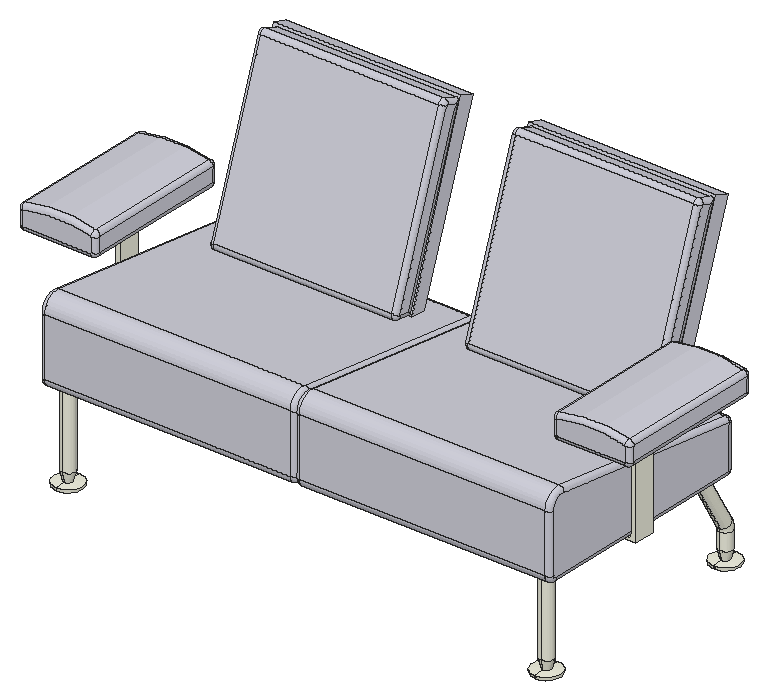
Revit family
Parameters (values of type "(2 Arm)")
  Width = 4' - 1"  # constant formula
  Upholstery = Furniture_Coalesse_Sidewalk - Upholstery
  URL = "www.coalesse.com"
  Type Comments = "430-2"
  RIGHT ARM = yes
  Model = "Sidewalk"
  Manufacturer = "COALESSE"
  Leg = Furniture_Coalesse_Sidewalk - Leg
  LEFT ARM = yes
  Height = 2' - 6 1/2"  # constant formula
  Description = "Sidewalk, Collaborative Two Seat"
  Depth = 2' - 3"  # constant formula
  Cost = 1775
  Back Upholstery = Furniture_Coalesse_Sidewalk - Upholstery (Back)
  Arm Upholstery = Furniture_Coalesse_Sidewalk - Upholstery (Arm)
Types (4): name | RIGHT ARM | LEFT ARM | Cost
  (no name) | yes | yes | 1775
  (0 Arm) | no | no | 1701
  (1 Arm) | no | yes | 1738
  (2 Arm) | yes | yes | 1775
Reference planes (in)
  plane 1: z = 0
  plane 2 "C (LR)": x = -16.39426
  plane 3 "C (FB)": y = 6.48523
  plane 4: x = -40.89426
  plane 5: x = 8.10574
  plane 6: y = 19.98523
  plane 7: y = -7.01477
  plane 8: z = 17.5
  plane 9: z = 23
  plane 10: z = 10.5625
  plane 11: z = 8.5
  plane 12: through (0, 14.98523, 14.5) normal (0, 0.1351, 0.9908)
  plane 13: through (0, 14.48102, 8.5) normal (0, 0.9658, -0.2593)
  plane 14: z = 30.5
  plane 15: y = 2.73523
  plane 16: y = 4.73523
Dimensions and locks (in)
  equal spacing: plane 7, plane 3 "C (FB)", plane 6
  "Depth": plane 7 to plane 6
  equal spacing: plane 4, plane 2 "C (LR)", plane 5
  "Width": plane 4 to plane 5
  plane 8 to level = 1' - 5 1/2"
  plane 9 to level = 1' - 11"
  plane 1 to plane 10 = 0' - 10 9/16"
  plane 11 to level = 0' - 8 1/2"
  "Height": plane 14 to level
  plane 7 to plane 15 to plane 16 = 0' - 9 3/4" locked, 0' - 2" locked
  aligned and locked: plane 5 to nested 1
  aligned and locked: nested 1 to plane 2 "C (LR)"
  aligned and locked: plane 2 "C (LR)" to nested 2
  aligned and locked: plane 4 to nested 2
Nested families (in)
  nested 1: "Coalesse_Sidewalk_Collaborative_LSeat" at (12.25, 0, 0), type "LEFT"
    with Width 2' - 0 1/2", LEFT ARM yes
  nested 2: "Coalesse_Sidewalk_Collaborative_RSeat" at (-12.25, 0, 0), type "RIGHT"
    with Width 2' - 0 1/2", RIGHT ARM yes
Definition of nested family "Coalesse_Sidewalk_Collaborative_LSeat"
  Parameters (values of type "(0 Arm)")
    Width [instance] = 2' - 3"
    Upholstery = Furniture_Coalesse_Sidewalk - Upholstery
    URL = "www.coalesse.com"
    Type Comments = "430"
    RIGHT ARM = no
    Model = "Sidewalk"
    Manufacturer = "COALESSE"
    Leg = Furniture_Coalesse_Sidewalk - Leg
    LEFT ARM = no
    Height = 2' - 6 1/2"  # constant formula
    Description = "Sidewalk, Collaborative Chair"
    Depth = 2' - 3"  # constant formula
    Cost = 1160
    Back Upholstery = Furniture_Coalesse_Sidewalk - Upholstery (Back)
    Arm Upholstery = Furniture_Coalesse_Sidewalk - Upholstery (Arm)
  Types (4): name | RIGHT ARM | LEFT ARM | Cost
    (no name) | no | no | 1160
    (0 Arm) | no | no | 1160
    (1 Arm) | no | yes | 1197
    (2 Arm) | yes | yes | 1234
  Reference planes (in)
    plane 1: z = 0
    plane 2 "C (LR)": x = -16.39426
    plane 3 "C (FB)": y = 6.48523
    plane 4: x = -29.89426
    plane 5: x = -2.89426
    plane 6: y = 19.98523
    plane 7: y = -7.01477
    plane 8: z = 17.5
    plane 9: z = 23
    plane 10: x = -27.64426
    plane 11: y = -5.51477
    plane 12: z = 10.5625
    plane 13: x = -5.14426
    plane 14: y = 11.98523
    plane 15: z = 8.5
    plane 16: through (0, 14.98523, 14.5) normal (0, 0.1351, 0.9908)
    plane 17: through (0, 14.48102, 8.5) normal (0, 0.9658, -0.2593)
    plane 18 "LL": x = -28.39312
    plane 19 "RL": x = -4.39539
    plane 20: y = 15.98523
    plane 21: y = 15.23523
    plane 22: z = 30.5
    plane 23: x = -26.64426
    plane 24: x = -26.14426
    plane 25: x = -6.14426
    plane 26: x = -6.64426
    plane 27: y = 2.73523
    plane 28: y = 4.73523
  Forms (in)
    Extrusion 1, solid, material "Furniture_Coalesse_Sidewalk - Upholstery" <- "Upholstery"
      sketch origin (-21.26926, 0, 0) x (0, -1, 0) y (0, 0, 1)
        loop
          arc (-14.55279, 13.62715) -> (-14.86191, 13.46054) -> (-14.98523, 13.13174) r 0.5
          line (-14.98523, 13.13174) -> (-14.98523, 9)
          arc (-14.98523, 9) -> (-14.83878, 8.64645) -> (-14.48523, 8.5) r 0.5
          line (-14.48523, 8.5) -> (6.26477, 8.5)
          arc (6.26477, 8.5) -> (6.7951, 8.71967) -> (7.01477, 9.25) r 0.75
          line (7.01477, 9.25) -> (7.01477, 14.84975)
          arc (7.01477, 14.84975) -> (6.50118, 15.9798) -> (5.3121, 16.336) r 1.5
          line (5.3121, 16.336) -> (-14.55279, 13.62715)
      from -18.375 to 8.625
    Revolve 2, solid, material "Furniture_Coalesse_Sidewalk - Leg" <- "Leg"
      sketch origin (-4.39539, 16.53194, 48) x (0, 1, 0) y (0, 0, 1)
        loop
          line (-21.42171, -46.75) -> (-21.42171, -39.25) -> (-22.04671, -39.25) -> (-22.04671, -48) -> (-20.71338, -48) -> (-20.67171, -47.75) -> (-21.6576, -47.66535) -> (-21.42171, -46.75)
        axis (-22.04671, -48) -> (-22.04671, -39.25)
      angle from 0 to 360
    Sweep 3, solid, material "Furniture_Coalesse_Sidewalk - Leg" <- "Leg"
      path origin (-4.39539, 16.53194, 48) x (0, 1, 0) y (0, 0, 1)
        loop
          line (-0.54671, -46.75) -> (-0.54671, -45.1088)
          arc (-0.54671, -45.1088) -> (-0.59316, -44.7627) -> (-0.72924, -44.4411) r 1.3125
          line (-0.72924, -44.4411) -> (-3.83687, -39.18204)
      profile origin (-4.39539, 15.98523, 2.0706) x (0, 1, 0) y (-1, 0, 0)
        loop
          circle (0, 0) r 0.625
    Revolve 4, solid, material "Furniture_Coalesse_Sidewalk - Leg" <- "Leg"
      sketch origin (-4.39539, 16.53194, 48) x (0, 1, 0) y (0, 0, 1)
        loop
          line (-0.54671, -48) -> (0.78662, -48) -> (0.82829, -47.75) -> (-0.1576, -47.66535) -> (0.07829, -46.75) -> (-0.54671, -46.75) -> (-0.54671, -47.75) -> (-0.54671, -48)
        axis (-0.54671, -48) -> (-0.54671, -46.75)
      angle from 0 to 360
    Sweep 5, void
      path origin (-29.89426, 0, 0) x (0, -1, 0) y (0, 0, 1)
        loop
          line (5.3121, 16.336) -> (-14.55279, 13.62715)
          arc (-14.55279, 13.62715) -> (-14.86191, 13.46054) -> (-14.98523, 13.13174) r 0.5
          line (-14.98523, 13.13174) -> (-14.98523, 9)
          arc (-14.98523, 9) -> (-14.83878, 8.64645) -> (-14.48523, 8.5) r 0.5
          line (-14.48523, 8.5) -> (6.26477, 8.5)
          arc (6.26477, 8.5) -> (6.7951, 8.71967) -> (7.01477, 9.25) r 0.75
          line (7.01477, 9.25) -> (7.01477, 14.84975)
          arc (7.01477, 14.84975) -> (6.50118, 15.9798) -> (5.3121, 16.336) r 1.5
      profile origin (-29.89426, 4.11023, 8.5) x (0, 0, 1) y (-1, 0, 0)
        loop
          arc (0, -0.4375) -> (0.12814, -0.12814) -> (0.4375, 0) r 0.4375
          arc (0.4375, 0) -> (-0.30936, 0.30936) -> (0, -0.4375) r 0.4375
    Sweep 6, void
      path origin (-2.89426, 0, 0) x (0, -1, 0) y (0, 0, 1)
        loop
          arc (-14.55279, 13.62715) -> (-14.86191, 13.46054) -> (-14.98523, 13.13174) r 0.5
          line (-14.98523, 13.13174) -> (-14.98523, 9)
          arc (-14.98523, 9) -> (-14.83878, 8.64645) -> (-14.48523, 8.5) r 0.5
          line (-14.48523, 8.5) -> (6.26477, 8.5)
          arc (6.26477, 8.5) -> (6.7951, 8.71967) -> (7.01477, 9.25) r 0.75
          line (7.01477, 9.25) -> (7.01477, 14.84975)
          arc (7.01477, 14.84975) -> (6.50118, 15.9798) -> (5.3121, 16.336) r 1.5
          line (5.3121, 16.336) -> (-14.55279, 13.62715)
      profile origin (-2.89426, 4.11023, 8.5) x (0, 0, -1) y (-1, 0, 0)
        loop
          arc (0, 0.4375) -> (-0.12814, 0.12814) -> (-0.4375, 0) r 0.4375
          arc (-0.4375, 0) -> (0.30936, -0.30936) -> (0, 0.4375) r 0.4375
    Extrusion 7, solid, material "Furniture_Coalesse_Sidewalk - Upholstery (Back)" <- "Back Upholstery"
      sketch origin (-16.39426, 0, 0) x (0, -1, 0) y (0, 0, 1)
        loop
          line (-12.57363, 13.89704) -> (-11.05284, 14.10442) -> (-17.03967, 30.5531) -> (-18.44921, 30.04007) -> (-12.57363, 13.89704)
      from -10.25 to 10.25
    Extrusion 8, solid, material "Furniture_Coalesse_Sidewalk - Upholstery (Back)" <- "Back Upholstery"
      sketch origin (-16.39426, 0, 0) x (0, -1, 0) y (0, 0, 1)
        loop
          line (-16.95158, 30.31107) -> (-11.05284, 14.10442) -> (-9.63948, 14.29715)
          arc (-9.63948, 14.29715) -> (-9.27898, 14.53417) -> (-9.23719, 14.96357) r 0.5
          line (-9.23719, 14.96357) -> (-14.90118, 30.52526)
          arc (-14.90118, 30.52526) -> (-15.15972, 30.8074) -> (-15.54204, 30.8241) r 0.5
          line (-15.54204, 30.8241) -> (-16.95158, 30.31107)
      from -10.25 to 10.25
    Sweep 9, void
      path origin (-26.64426, 0, 0) x (0, -1, 0) y (0, 0, 1)
        loop
          arc (-14.90118, 30.52526) -> (-15.15972, 30.8074) -> (-15.54204, 30.8241) r 0.5
          line (-15.54204, 30.8241) -> (-16.95158, 30.31107) -> (-11.05284, 14.10442) -> (-9.63948, 14.29715)
          arc (-9.63948, 14.29715) -> (-9.27898, 14.53417) -> (-9.23719, 14.96357) r 0.5
          line (-9.23719, 14.96357) -> (-14.90118, 30.52526)
      profile origin (-26.64426, 12.06919, 22.74442) x (0, 0.939693, -0.34202) y (-1, 0, 0)
        loop
          arc (0.4375, 0) -> (-0.30936, 0.30936) -> (0, -0.4375) r 0.4375
          arc (0, -0.4375) -> (0.12814, -0.12814) -> (0.4375, 0) r 0.4375
    Sweep 10, void
      path origin (-6.14426, 0, 0) x (0, -1, 0) y (0, 0, 1)
        loop
          arc (-14.90118, 30.52526) -> (-15.15972, 30.8074) -> (-15.54204, 30.8241) r 0.5
          line (-15.54204, 30.8241) -> (-16.95158, 30.31107) -> (-11.05284, 14.10442) -> (-9.63948, 14.29715)
          arc (-9.63948, 14.29715) -> (-9.27898, 14.53417) -> (-9.23719, 14.96357) r 0.5
          line (-9.23719, 14.96357) -> (-14.90118, 30.52526)
      profile origin (-6.14426, 12.06919, 22.74442) x (0, -0.939693, 0.34202) y (-1, 0, 0)
        loop
          arc (0, 0.4375) -> (-0.12814, 0.12814) -> (-0.4375, 0) r 0.4375
          arc (-0.4375, 0) -> (0.30936, -0.30936) -> (0, 0.4375) r 0.4375
  Cuts and joins
    Sweep 5, Sweep 6 cuts Extrusion 1
    Sweep 5 cuts Revolve 2
    Sweep 9, Sweep 10 cuts Extrusion 8
  Dimensions and locks (in)
    equal spacing: plane 7, plane 3 "C (FB)", plane 6
    "Depth": plane 7 to plane 6
    equal spacing: plane 4, plane 2 "C (LR)", plane 5
    "Width": plane 4 to plane 5
    plane 8 to level = 1' - 5 1/2"
    plane 9 to level = 1' - 11"
    plane 1 to plane 12 = 0' - 10 9/16"
    locked: plane 4 to plane 10 at 2.25
    locked: plane 13 to plane 5 at 2.25
    locked: plane 7 to plane 14 at 19
    plane 15 to level = 0' - 8 1/2"
    locked: plane 19 "RL" to plane 5 at 1.50113
    locked: plane 4 to plane 18 "LL" at 1.50113
    locked: plane 7 to plane 11 at 1.5
    locked: plane 6 to plane 20 at 4
    "Height": plane 22 to level
    plane 7 to plane 27 to plane 28 = 0' - 9 3/4" locked, 0' - 2" locked
    locked: plane 23 to plane 24 at 0.5
    locked: plane 26 to plane 25 at 0.5
    locked: plane 4 to plane 23 at 3.25
    locked: plane 25 to plane 5 at 3.25
    locked: nested 1 to plane 28 at 0
    locked: nested 1 to plane 5 at 0
    aligned and locked: plane 11 to Revolve 2 sketch curve
    aligned and locked: Extrusion 1 to plane 5
    aligned and locked: Extrusion 1 to plane 4
    aligned and locked: Extrusion 7 to plane 23
    aligned and locked: Extrusion 7 to plane 25
    aligned and locked: Extrusion 8 to plane 23
    aligned and locked: Extrusion 8 to plane 25
  Automatic sketch dimensions
    Extrusion 1 sketch curve to plane 15 = 0' - 0"
    Extrusion 1 sketch curve to plane 11 = 0' - 0"
    Extrusion 1 sketch curve to plane 7 = 0' - 0"
    plane 11 to Extrusion 1 sketch curve = 0' - 0.20267"
    Extrusion 1 sketch curve to plane 21 = 0' - 0 3/4"  (x2)
    Extrusion 1 sketch curve to Extrusion 1 sketch curve = 0' - 0.06756"
    Extrusion 1 sketch curve to plane 21 = 0' - 0 1/4"
    Extrusion 1 sketch curve to plane 7 = 0' - 0 3/4"
    plane 12 to Extrusion 1 sketch curve = 0' - 2.56924"
    Extrusion 1 sketch curve to plane 8 = 0' - 2.65025"
    Sweep 5 sketch curve to Extrusion 1 = 0' - 0"  (x5)
    Sweep 5 sketch curve to Extrusion 1 = 0' - 0.43244"
    Sweep 5 sketch curve to Sweep 5 sketch curve = 0' - 0.20267"
    Sweep 5 sketch curve to Sweep 5 sketch curve = 0' - 0 1/2"  (x2)
    Sweep 5 sketch curve to Extrusion 1 = 0' - 1.70267"
    Sweep 5 sketch curve to Extrusion 1 = 0' - 0 3/4"
    Sweep 5 sketch curve to profile plane = 0' - 0"  (x2)
    Sweep 5 sketch curve to profile plane = 0' - 0 7/16"
    Sweep 6 sketch curve to Extrusion 1 = 0' - 0"  (x5)
    Extrusion 1 to Sweep 6 sketch curve = 0' - 0.43244"
    Sweep 6 sketch curve to Sweep 6 sketch curve = 0' - 0.20267"
    Extrusion 1 to Sweep 6 sketch curve = 0' - 0 1/2"
    Sweep 6 sketch curve to Sweep 6 sketch curve = 0' - 0 1/2"
    Extrusion 1 to Sweep 6 sketch curve = 0' - 1.70267"
    Extrusion 1 to Sweep 6 sketch curve = 0' - 0 3/4"
    Sweep 6 sketch curve to profile plane = 0' - 0"  (x2)
    profile plane to Sweep 6 sketch curve = 0' - 0 7/16"
    plane 20 to Extrusion 8 sketch curve = 0' - 0.96635"
    plane 21 to Extrusion 8 sketch curve = 0' - 0.30681"
    plane 21 to Extrusion 8 sketch curve = 0' - 0.1358"
    Extrusion 8 sketch curve to Extrusion 8 sketch curve = 0' - 0.46985"  (x2)
    plane 14 to Extrusion 8 sketch curve = 0' - 0.93239"
    Extrusion 8 sketch curve to Extrusion 8 sketch curve = 0' - 1.3458"
    Extrusion 8 sketch curve to Extrusion 8 sketch curve = 0' - 0.06756"
    Extrusion 8 sketch curve to plane 8 = 0' - 3.39558"
    Extrusion 8 sketch curve to Extrusion 8 sketch curve = 0' - 0.19273"
    Extrusion 8 sketch curve to Extrusion 8 sketch curve = 0' - 0.49542"
    Extrusion 8 sketch curve to plane 22 = 0' - 0.18893"
    Extrusion 8 sketch curve to plane 22 = 0' - 0.14575"
    plane 22 to Extrusion 8 sketch curve = 0' - 0.02526"
    Extrusion 7 sketch curve to plane 22 = 0' - 0.45993"
    Extrusion 7 sketch curve to plane 6 = 0' - 1.53602"
    plane 22 to Extrusion 7 sketch curve = 0' - 0.0531"
    plane 20 to Extrusion 7 sketch curve = 0' - 1.05444"
    Extrusion 7 sketch curve to plane 21 = 0' - 2.6616"
    plane 11 to Extrusion 7 sketch curve = 1' - 4.56761"
    Extrusion 7 sketch curve to plane 8 = 0' - 3.39558"
    Extrusion 7 sketch curve to Extrusion 7 sketch curve = 0' - 0.20738"
    Sweep 9 sketch curve to Extrusion 8 = 0' - 0"  (x4)
    Sweep 9 sketch curve to Sweep 9 sketch curve = 0' - 0.17101"
    Sweep 9 sketch curve to Sweep 9 sketch curve = 0' - 0.46985"  (x2)
    Sweep 9 sketch curve to Sweep 9 sketch curve = 0' - 0.06756"
    Sweep 9 sketch curve to profile plane = 0' - 0"  (x2)
    Sweep 9 sketch curve to Sweep 9 sketch curve = 0' - 0 7/16"
    Sweep 10 sketch curve to Extrusion 8 = 0' - 0"  (x4)
    Sweep 10 sketch curve to Sweep 10 sketch curve = 0' - 0.17101"
    Sweep 10 sketch curve to Sweep 10 sketch curve = 0' - 0.46985"  (x2)
    Sweep 10 sketch curve to Sweep 10 sketch curve = 0' - 0.06756"
    Sweep 10 sketch curve to profile plane = 0' - 0"  (x2)
    profile plane to Sweep 10 sketch curve = 0' - 0 7/16"
    Revolve 2 sketch curve to level = 0' - 0"
    Revolve 2 sketch curve to plane 11 = 0' - 0"
    Revolve 2 sketch curve to plane 11 = 0' - 0.38911"
    Revolve 2 sketch curve to plane 11 = 0' - 0 5/8"
    Revolve 2 sketch curve to Revolve 2 sketch curve = 0' - 0.94422"
    Revolve 2 sketch curve to level = 0' - 0 1/4"
    Revolve 2 sketch curve to Revolve 2 sketch curve = 0' - 0.04167"
    level to Revolve 2 sketch curve = 0' - 3 3/4"
    Revolve 2 sketch curve to level = 0' - 0.33465"
    Revolve 2 sketch curve to Revolve 2 sketch curve = 0' - 0.91535"
    Revolve 2 sketch curve to plane 15 = 0' - 0 1/4"
    Revolve 2 sketch curve to plane 12 = 0' - 1 7/16"
    Sweep 3 sketch curve to plane 20 = 0' - 0"
    plane 20 to Sweep 3 sketch curve = 0' - 0.18253"
    plane 21 to Sweep 3 sketch curve = 0' - 0 9/16"
    Sweep 3 sketch curve to plane 15 = 0' - 0.31796"
    plane 14 to Sweep 3 sketch curve = 0' - 0.70984"
    Sweep 3 sketch curve to level = 0' - 3.5589"
    Sweep 3 sketch curve to level = 0' - 1 1/4"
    Revolve 4 sketch curve to plane 20 = 0' - 0"  (x2)
    Revolve 4 sketch curve to level = 0' - 0"
    Revolve 4 sketch curve to plane 20 = 0' - 0.38911"
    Revolve 4 sketch curve to Revolve 4 sketch curve = 0' - 0 5/8"
    Revolve 4 sketch curve to Revolve 4 sketch curve = 0' - 0.94422"
    Revolve 4 sketch curve to level = 0' - 0 1/4"
    Revolve 4 sketch curve to Revolve 4 sketch curve = 0' - 0.04167"
    level to Revolve 4 sketch curve = 0' - 1 1/4"
    Revolve 4 sketch curve to Revolve 4 sketch curve = 0' - 0 1/4"  (x2)
    Revolve 4 sketch curve to level = 0' - 0.33465"
    Revolve 4 sketch curve to Revolve 4 sketch curve = 0' - 0.91535"
    Sweep 3 sketch curve to plane 19 "RL" = 0' - 0"
    Sweep 3 sketch curve to profile plane = 0' - 0"
    radius of Sweep 9 sketch curve to Extrusion 8 = 0' - 0"  (x2)
    radius of Sweep 10 sketch curve to Extrusion 8 = 0' - 0"  (x2)
    radius of Sweep 3 sketch curve = 0' - 0 5/8"
  Nested families (in)
    nested 1: "Coalesse_Sidewalk_Arm" at (-2.89426, 3.73523, 0) x (-1, 0, 0) z (0, 0, 1), visible <- "LEFT ARM", type "Coalesse_Sidewalk_Arm"
  Definition of nested family "Coalesse_Sidewalk_Arm"
    Parameters
      Support = none
      Arm = none
    Reference planes (in)
      plane 1 "Center Front/Back": y = 0
      plane 2: z = 0
      plane 3 "Center Left/Right": x = 0
      plane 4: x = 2.57151
      plane 5: x = -4.92849
      plane 6: z = 8.16089
      plane 7: z = 21
      plane 8: z = 18.75
      plane 9: y = -7.25
      plane 10: y = 7.25
      plane 11: y = 1
      plane 12: y = -1
    Forms (in)
      Extrusion 1, solid, material <- "Arm"
        sketch origin (0, 0, 0) x (1, 0, 0) y (0, 0, 1)
          loop
            line (-4.42849, 18.75) -> (2.07151, 18.75)
            arc (2.07151, 18.75) -> (2.42507, 18.89645) -> (2.57151, 19.25) r 0.5
            line (2.57151, 19.25) -> (2.57151, 20.61291)
            arc (2.57151, 20.61291) -> (2.46473, 20.92175) -> (2.18999, 21.09867) r 0.5
            arc (2.18999, 21.09867) -> (-1.17849, 21.50351) -> (-4.54696, 21.09867) r 14.21612
            arc (-4.54696, 21.09867) -> (-4.8217, 20.92175) -> (-4.92849, 20.61291) r 0.5
            line (-4.92849, 20.61291) -> (-4.92849, 19.25)
            arc (-4.92849, 19.25) -> (-4.78204, 18.89645) -> (-4.42849, 18.75) r 0.5
        from -7.25 to 7.25
      Sweep 2, void
        path origin (0, -7.25, 0) x (1, 0, 0) y (0, 0, 1)
          loop
            arc (2.18999, 21.09867) -> (-1.17849, 21.50351) -> (-4.54696, 21.09867) r 14.21612
            arc (-4.54696, 21.09867) -> (-4.8217, 20.92175) -> (-4.92849, 20.61291) r 0.5
            line (-4.92849, 20.61291) -> (-4.92849, 19.25)
            arc (-4.92849, 19.25) -> (-4.78204, 18.89645) -> (-4.42849, 18.75) r 0.5
            line (-4.42849, 18.75) -> (2.07151, 18.75)
            arc (2.07151, 18.75) -> (2.42507, 18.89645) -> (2.57151, 19.25) r 0.5
            line (2.57151, 19.25) -> (2.57151, 20.61291)
            arc (2.57151, 20.61291) -> (2.46473, 20.92175) -> (2.18999, 21.09867) r 0.5
        profile origin (-1.17849, -7.25, 18.75) x (0, 0, 1) y (0, -1, 0)
          loop
            arc (0, -0.4375) -> (0.12814, -0.12814) -> (0.4375, 0) r 0.4375
            arc (0.4375, 0) -> (-0.30936, 0.30936) -> (0, -0.4375) r 0.4375
      Sweep 3, void
        path origin (0, 7.25, 0) x (1, 0, 0) y (0, 0, 1)
          loop
            arc (-4.54696, 21.09867) -> (-4.8217, 20.92175) -> (-4.92849, 20.61291) r 0.5
            line (-4.92849, 20.61291) -> (-4.92849, 19.25)
            arc (-4.92849, 19.25) -> (-4.78204, 18.89645) -> (-4.42849, 18.75) r 0.5
            line (-4.42849, 18.75) -> (2.07151, 18.75)
            arc (2.07151, 18.75) -> (2.42507, 18.89645) -> (2.57151, 19.25) r 0.5
            line (2.57151, 19.25) -> (2.57151, 20.61291)
            arc (2.57151, 20.61291) -> (2.46473, 20.92175) -> (2.18999, 21.09867) r 0.5
            arc (2.18999, 21.09867) -> (-1.17849, 21.50351) -> (-4.54696, 21.09867) r 14.21612
        profile origin (-1.17849, 7.25, 18.75) x (0, 0, -1) y (0, -1, 0)
          loop
            arc (0, 0.4375) -> (-0.12814, 0.12814) -> (-0.4375, 0) r 0.4375
            arc (-0.4375, 0) -> (0.30936, -0.30936) -> (0, 0.4375) r 0.4375
      Extrusion 4, solid, material <- "Support"
        sketch origin (0, 0, 0) x (1, 0, 0) y (0, 0, 1)
          loop
            line (3, 8.16089) -> (3, 8.41089) -> (0, 8.41089) -> (0, 18.75) -> (-0.5, 18.75) -> (-0.5, 8.16089) -> (3, 8.16089)
        from -1 to 1
    Cuts and joins
      Sweep 2, Sweep 3 cuts Extrusion 1
    Dimensions and locks (in)
      plane 7 to level = 1' - 9"
      locked: plane 7 to plane 8 at 2.25
      aligned and locked: Extrusion 1 to plane 10
      aligned and locked: Extrusion 1 to plane 9
      aligned and locked: Extrusion 4 to plane 11
      aligned and locked: Extrusion 4 to plane 12
Definition of nested family "Coalesse_Sidewalk_Collaborative_RSeat"
  Parameters (values of type "(0 Arm)")
    Width [instance] = 2' - 3"
    Upholstery = Furniture_Coalesse_Sidewalk - Upholstery
    URL = "www.coalesse.com"
    Type Comments = "430"
    RIGHT ARM = no
    Model = "Sidewalk"
    Manufacturer = "COALESSE"
    Leg = Furniture_Coalesse_Sidewalk - Leg
    LEFT ARM = no
    Height = 2' - 6 1/2"  # constant formula
    Description = "Sidewalk, Collaborative Chair"
    Depth = 2' - 3"  # constant formula
    Cost = 1160
    Back Upholstery = Furniture_Coalesse_Sidewalk - Upholstery (Back)
    Arm Upholstery = Furniture_Coalesse_Sidewalk - Upholstery (Arm)
  Types (4): name | RIGHT ARM | LEFT ARM | Cost
    (no name) | no | no | 1160
    (0 Arm) | no | no | 1160
    (1 Arm) | no | yes | 1197
    (2 Arm) | yes | yes | 1234
  Reference planes (in)
    plane 1: z = 0
    plane 2 "C (LR)": x = -16.39426
    plane 3 "C (FB)": y = 6.48523
    plane 4: x = -29.89426
    plane 5: x = -2.89426
    plane 6: y = 19.98523
    plane 7: y = -7.01477
    plane 8: z = 17.5
    plane 9: z = 23
    plane 10: x = -27.64426
    plane 11: y = -5.51477
    plane 12: z = 10.5625
    plane 13: x = -5.14426
    plane 14: y = 11.98523
    plane 15: z = 8.5
    plane 16: through (0, 14.98523, 14.5) normal (0, 0.1351, 0.9908)
    plane 17: through (0, 14.48102, 8.5) normal (0, 0.9658, -0.2593)
    plane 18 "LL": x = -28.39312
    plane 19 "RL": x = -4.39539
    plane 20: y = 15.98523
    plane 21: y = 15.23523
    plane 22: z = 30.5
    plane 23: x = -26.64426
    plane 24: x = -26.14426
    plane 25: x = -6.14426
    plane 26: x = -6.64426
    plane 27: y = 2.73523
    plane 28: y = 4.73523
  Forms (in)
    Extrusion 1, solid, material "Furniture_Coalesse_Sidewalk - Upholstery" <- "Upholstery"
      sketch origin (-21.26926, 0, 0) x (0, -1, 0) y (0, 0, 1)
        loop
          arc (-14.55279, 13.62715) -> (-14.86191, 13.46054) -> (-14.98523, 13.13174) r 0.5
          line (-14.98523, 13.13174) -> (-14.98523, 9)
          arc (-14.98523, 9) -> (-14.83878, 8.64645) -> (-14.48523, 8.5) r 0.5
          line (-14.48523, 8.5) -> (6.26477, 8.5)
          arc (6.26477, 8.5) -> (6.7951, 8.71967) -> (7.01477, 9.25) r 0.75
          line (7.01477, 9.25) -> (7.01477, 14.84975)
          arc (7.01477, 14.84975) -> (6.50118, 15.9798) -> (5.3121, 16.336) r 1.5
          line (5.3121, 16.336) -> (-14.55279, 13.62715)
      from -18.375 to 8.625
    Revolve 2, solid, material "Furniture_Coalesse_Sidewalk - Leg" <- "Leg"
      sketch origin (-28.39312, 0, 0) x (0, 1, 0) y (0, 0, 1)
        loop
          line (-4.88977, 1.25) -> (-4.88977, 8.75) -> (-5.51477, 8.75) -> (-5.51477, 0) -> (-4.18144, 0) -> (-4.13977, 0.25) -> (-5.12566, 0.33465) -> (-4.88977, 1.25)
        axis (-5.51477, 0) -> (-5.51477, 8.75)
      angle from 0 to 360
    Sweep 3, solid, material "Furniture_Coalesse_Sidewalk - Leg" <- "Leg"
      path origin (-28.39312, 0, 0) x (0, 1, 0) y (0, 0, 1)
        loop
          line (15.98523, 1.25) -> (15.98523, 2.8912)
          arc (15.98523, 2.8912) -> (15.93878, 3.2373) -> (15.8027, 3.5589) r 1.3125
          line (15.8027, 3.5589) -> (12.69507, 8.81796)
      profile origin (-28.39312, 15.98523, 2.0706) x (0, -1, 0) y (1, 0, 0)
        loop
          circle (0, 0) r 0.625
    Revolve 4, solid, material "Furniture_Coalesse_Sidewalk - Leg" <- "Leg"
      sketch origin (-28.39312, 0, 0) x (0, 1, 0) y (0, 0, 1)
        loop
          line (15.98523, 0) -> (17.31856, 0) -> (17.36023, 0.25) -> (16.37434, 0.33465) -> (16.61023, 1.25) -> (15.98523, 1.25) -> (15.98523, 0.25) -> (15.98523, 0)
        axis (15.98523, 0) -> (15.98523, 1.25)
      angle from 0 to 360
    Sweep 5, void
      path origin (-29.89426, 0, 0) x (0, -1, 0) y (0, 0, 1)
        loop
          line (5.3121, 16.336) -> (-14.55279, 13.62715)
          arc (-14.55279, 13.62715) -> (-14.86191, 13.46054) -> (-14.98523, 13.13174) r 0.5
          line (-14.98523, 13.13174) -> (-14.98523, 9)
          arc (-14.98523, 9) -> (-14.83878, 8.64645) -> (-14.48523, 8.5) r 0.5
          line (-14.48523, 8.5) -> (6.26477, 8.5)
          arc (6.26477, 8.5) -> (6.7951, 8.71967) -> (7.01477, 9.25) r 0.75
          line (7.01477, 9.25) -> (7.01477, 14.84975)
          arc (7.01477, 14.84975) -> (6.50118, 15.9798) -> (5.3121, 16.336) r 1.5
      profile origin (-29.89426, 4.11023, 8.5) x (0, 0, 1) y (-1, 0, 0)
        loop
          arc (0, -0.4375) -> (0.12814, -0.12814) -> (0.4375, 0) r 0.4375
          arc (0.4375, 0) -> (-0.30936, 0.30936) -> (0, -0.4375) r 0.4375
    Sweep 6, void
      path origin (-2.89426, 0, 0) x (0, -1, 0) y (0, 0, 1)
        loop
          arc (-14.55279, 13.62715) -> (-14.86191, 13.46054) -> (-14.98523, 13.13174) r 0.5
          line (-14.98523, 13.13174) -> (-14.98523, 9)
          arc (-14.98523, 9) -> (-14.83878, 8.64645) -> (-14.48523, 8.5) r 0.5
          line (-14.48523, 8.5) -> (6.26477, 8.5)
          arc (6.26477, 8.5) -> (6.7951, 8.71967) -> (7.01477, 9.25) r 0.75
          line (7.01477, 9.25) -> (7.01477, 14.84975)
          arc (7.01477, 14.84975) -> (6.50118, 15.9798) -> (5.3121, 16.336) r 1.5
          line (5.3121, 16.336) -> (-14.55279, 13.62715)
      profile origin (-2.89426, 4.11023, 8.5) x (0, 0, -1) y (-1, 0, 0)
        loop
          arc (0, 0.4375) -> (-0.12814, 0.12814) -> (-0.4375, 0) r 0.4375
          arc (-0.4375, 0) -> (0.30936, -0.30936) -> (0, 0.4375) r 0.4375
    Extrusion 7, solid, material "Furniture_Coalesse_Sidewalk - Upholstery (Back)" <- "Back Upholstery"
      sketch origin (-16.39426, 0, 0) x (0, -1, 0) y (0, 0, 1)
        loop
          line (-12.57363, 13.89704) -> (-11.05284, 14.10442) -> (-17.03967, 30.5531) -> (-18.44921, 30.04007) -> (-12.57363, 13.89704)
      from -10.25 to 10.25
    Extrusion 8, solid, material "Furniture_Coalesse_Sidewalk - Upholstery (Back)" <- "Back Upholstery"
      sketch origin (-16.39426, 0, 0) x (0, -1, 0) y (0, 0, 1)
        loop
          line (-16.95158, 30.31107) -> (-11.05284, 14.10442) -> (-9.63948, 14.29715)
          arc (-9.63948, 14.29715) -> (-9.27898, 14.53417) -> (-9.23719, 14.96357) r 0.5
          line (-9.23719, 14.96357) -> (-14.90118, 30.52526)
          arc (-14.90118, 30.52526) -> (-15.15972, 30.8074) -> (-15.54204, 30.8241) r 0.5
          line (-15.54204, 30.8241) -> (-16.95158, 30.31107)
      from -10.25 to 10.25
    Sweep 9, void
      path origin (-26.64426, 0, 0) x (0, -1, 0) y (0, 0, 1)
        loop
          arc (-14.90118, 30.52526) -> (-15.15972, 30.8074) -> (-15.54204, 30.8241) r 0.5
          line (-15.54204, 30.8241) -> (-16.95158, 30.31107) -> (-11.05284, 14.10442) -> (-9.63948, 14.29715)
          arc (-9.63948, 14.29715) -> (-9.27898, 14.53417) -> (-9.23719, 14.96357) r 0.5
          line (-9.23719, 14.96357) -> (-14.90118, 30.52526)
      profile origin (-26.64426, 12.06919, 22.74442) x (0, 0.939693, -0.34202) y (-1, 0, 0)
        loop
          arc (0.4375, 0) -> (-0.30936, 0.30936) -> (0, -0.4375) r 0.4375
          arc (0, -0.4375) -> (0.12814, -0.12814) -> (0.4375, 0) r 0.4375
    Sweep 10, void
      path origin (-6.14426, 0, 0) x (0, -1, 0) y (0, 0, 1)
        loop
          arc (-14.90118, 30.52526) -> (-15.15972, 30.8074) -> (-15.54204, 30.8241) r 0.5
          line (-15.54204, 30.8241) -> (-16.95158, 30.31107) -> (-11.05284, 14.10442) -> (-9.63948, 14.29715)
          arc (-9.63948, 14.29715) -> (-9.27898, 14.53417) -> (-9.23719, 14.96357) r 0.5
          line (-9.23719, 14.96357) -> (-14.90118, 30.52526)
      profile origin (-6.14426, 12.06919, 22.74442) x (0, -0.939693, 0.34202) y (-1, 0, 0)
        loop
          arc (0, 0.4375) -> (-0.12814, 0.12814) -> (-0.4375, 0) r 0.4375
          arc (-0.4375, 0) -> (0.30936, -0.30936) -> (0, 0.4375) r 0.4375
  Cuts and joins
    Sweep 5, Sweep 6 cuts Extrusion 1
    Sweep 5 cuts Revolve 2
    Sweep 9, Sweep 10 cuts Extrusion 8
  Dimensions and locks (in)
    equal spacing: plane 7, plane 3 "C (FB)", plane 6
    "Depth": plane 7 to plane 6
    equal spacing: plane 4, plane 2 "C (LR)", plane 5
    "Width": plane 4 to plane 5
    plane 8 to level = 1' - 5 1/2"
    plane 9 to level = 1' - 11"
    plane 1 to plane 12 = 0' - 10 9/16"
    locked: plane 4 to plane 10 at 2.25
    locked: plane 13 to plane 5 at 2.25
    locked: plane 7 to plane 14 at 19
    plane 15 to level = 0' - 8 1/2"
    locked: plane 19 "RL" to plane 5 at 1.50113
    locked: plane 4 to plane 18 "LL" at 1.50113
    locked: plane 7 to plane 11 at 1.5
    locked: plane 6 to plane 20 at 4
    "Height": plane 22 to level
    plane 7 to plane 27 to plane 28 = 0' - 9 3/4" locked, 0' - 2" locked
    locked: plane 23 to plane 24 at 0.5
    locked: plane 26 to plane 25 at 0.5
    locked: plane 4 to plane 23 at 3.25
    locked: plane 25 to plane 5 at 3.25
    locked: nested 1 to plane 28 at 0
    locked: nested 1 to plane 4 at 0
    aligned and locked: plane 11 to Revolve 2 sketch curve
    aligned and locked: Extrusion 1 to plane 5
    aligned and locked: Extrusion 1 to plane 4
    aligned and locked: Extrusion 7 to plane 23
    aligned and locked: Extrusion 7 to plane 25
    aligned and locked: Extrusion 8 to plane 23
    aligned and locked: Extrusion 8 to plane 25
  Automatic sketch dimensions
    Sweep 3 sketch curve to plane 18 "LL" = 0' - 0"
    Sweep 3 sketch curve to profile plane = 0' - 0"
    Revolve 4 sketch curve to plane 20 = 0' - 0"  (x2)
    Revolve 4 sketch curve to level = 0' - 0"
    Revolve 4 sketch curve to Revolve 4 sketch curve = 0' - 0.94422"
    level to Revolve 4 sketch curve = 0' - 0 1/4"
    Revolve 4 sketch curve to Revolve 4 sketch curve = 0' - 0.04167"
    Revolve 4 sketch curve to level = 0' - 1 1/4"
    Revolve 4 sketch curve to Revolve 4 sketch curve = 0' - 0 1/4"  (x2)
    level to Revolve 4 sketch curve = 0' - 0.33465"
    plane 20 to Revolve 4 sketch curve = 0' - 0.38911"
    Revolve 4 sketch curve to Revolve 4 sketch curve = 0' - 0 5/8"
    Revolve 4 sketch curve to Revolve 4 sketch curve = 0' - 0.91535"
    Sweep 3 sketch curve to plane 20 = 0' - 0"
    Sweep 3 sketch curve to plane 20 = 0' - 0.18253"
    Sweep 3 sketch curve to plane 21 = 0' - 0 9/16"
    plane 15 to Sweep 3 sketch curve = 0' - 0.31796"
    Sweep 3 sketch curve to plane 14 = 0' - 0.70984"
    level to Sweep 3 sketch curve = 0' - 3.5589"
    level to Sweep 3 sketch curve = 0' - 1 1/4"
    plane 15 to Revolve 2 sketch curve = 0' - 0 1/4"
    level to Revolve 2 sketch curve = 0' - 0.33465"
    Revolve 2 sketch curve to Revolve 2 sketch curve = 0' - 0.38911"
    Revolve 2 sketch curve to Revolve 2 sketch curve = 0' - 0.94422"
    level to Revolve 2 sketch curve = 0' - 0 1/4"
    Revolve 2 sketch curve to Revolve 2 sketch curve = 0' - 0.04167"
    Revolve 2 sketch curve to level = 0' - 3 3/4"
    Revolve 2 sketch curve to Revolve 2 sketch curve = 0' - 0.91535"
    plane 12 to Revolve 2 sketch curve = 0' - 1 7/16"
    Revolve 2 sketch curve to Revolve 2 sketch curve = 0' - 0.23589"
    Revolve 2 sketch curve to level = 0' - 0"
    Revolve 2 sketch curve to plane 11 = 0' - 0"
    Extrusion 1 sketch curve to plane 15 = 0' - 0"
    Extrusion 1 sketch curve to plane 11 = 0' - 0"
    Extrusion 1 sketch curve to plane 7 = 0' - 0"
    plane 11 to Extrusion 1 sketch curve = 0' - 0.20267"
    Extrusion 1 sketch curve to plane 21 = 0' - 0 3/4"  (x2)
    Extrusion 1 sketch curve to Extrusion 1 sketch curve = 0' - 0.06756"
    Extrusion 1 sketch curve to plane 21 = 0' - 0 1/4"
    Extrusion 1 sketch curve to plane 7 = 0' - 0 3/4"
    plane 12 to Extrusion 1 sketch curve = 0' - 2.56924"
    Extrusion 1 sketch curve to plane 8 = 0' - 2.65025"
    Sweep 5 sketch curve to Extrusion 1 = 0' - 0"  (x5)
    Sweep 5 sketch curve to Extrusion 1 = 0' - 0.43244"
    Sweep 5 sketch curve to Sweep 5 sketch curve = 0' - 0.20267"
    Sweep 5 sketch curve to Sweep 5 sketch curve = 0' - 0 1/2"  (x2)
    Sweep 5 sketch curve to Extrusion 1 = 0' - 1.70267"
    Sweep 5 sketch curve to Extrusion 1 = 0' - 0 3/4"
    Sweep 5 sketch curve to profile plane = 0' - 0"  (x2)
    Sweep 5 sketch curve to profile plane = 0' - 0 7/16"
    Sweep 6 sketch curve to Extrusion 1 = 0' - 0"  (x5)
    Extrusion 1 to Sweep 6 sketch curve = 0' - 0.43244"
    Sweep 6 sketch curve to Sweep 6 sketch curve = 0' - 0.20267"
    Extrusion 1 to Sweep 6 sketch curve = 0' - 0 1/2"
    Sweep 6 sketch curve to Sweep 6 sketch curve = 0' - 0 1/2"
    Extrusion 1 to Sweep 6 sketch curve = 0' - 1.70267"
    Extrusion 1 to Sweep 6 sketch curve = 0' - 0 3/4"
    Sweep 6 sketch curve to profile plane = 0' - 0"  (x2)
    profile plane to Sweep 6 sketch curve = 0' - 0 7/16"
    plane 20 to Extrusion 8 sketch curve = 0' - 0.96635"
    plane 21 to Extrusion 8 sketch curve = 0' - 0.30681"
    plane 21 to Extrusion 8 sketch curve = 0' - 0.1358"
    Extrusion 8 sketch curve to Extrusion 8 sketch curve = 0' - 0.46985"  (x2)
    plane 14 to Extrusion 8 sketch curve = 0' - 0.93239"
    Extrusion 8 sketch curve to Extrusion 8 sketch curve = 0' - 1.3458"
    Extrusion 8 sketch curve to Extrusion 8 sketch curve = 0' - 0.06756"
    Extrusion 8 sketch curve to plane 8 = 0' - 3.39558"
    Extrusion 8 sketch curve to Extrusion 8 sketch curve = 0' - 0.19273"
    Extrusion 8 sketch curve to Extrusion 8 sketch curve = 0' - 0.49542"
    Extrusion 8 sketch curve to plane 22 = 0' - 0.18893"
    Extrusion 8 sketch curve to plane 22 = 0' - 0.14575"
    plane 22 to Extrusion 8 sketch curve = 0' - 0.02526"
    Extrusion 7 sketch curve to plane 22 = 0' - 0.45993"
    Extrusion 7 sketch curve to plane 6 = 0' - 1.53602"
    plane 22 to Extrusion 7 sketch curve = 0' - 0.0531"
    plane 20 to Extrusion 7 sketch curve = 0' - 1.05444"
    Extrusion 7 sketch curve to plane 21 = 0' - 2.6616"
    plane 11 to Extrusion 7 sketch curve = 1' - 4.56761"
    Extrusion 7 sketch curve to plane 8 = 0' - 3.39558"
    Extrusion 7 sketch curve to Extrusion 7 sketch curve = 0' - 0.20738"
    Sweep 9 sketch curve to Extrusion 8 = 0' - 0"  (x4)
    Sweep 9 sketch curve to Sweep 9 sketch curve = 0' - 0.17101"
    Sweep 9 sketch curve to Sweep 9 sketch curve = 0' - 0.46985"  (x2)
    Sweep 9 sketch curve to Sweep 9 sketch curve = 0' - 0.06756"
    Sweep 9 sketch curve to profile plane = 0' - 0"  (x2)
    Sweep 9 sketch curve to Sweep 9 sketch curve = 0' - 0 7/16"
    Sweep 10 sketch curve to Extrusion 8 = 0' - 0"  (x4)
    Sweep 10 sketch curve to Sweep 10 sketch curve = 0' - 0.17101"
    Sweep 10 sketch curve to Sweep 10 sketch curve = 0' - 0.46985"  (x2)
    Sweep 10 sketch curve to Sweep 10 sketch curve = 0' - 0.06756"
    Sweep 10 sketch curve to profile plane = 0' - 0"  (x2)
    profile plane to Sweep 10 sketch curve = 0' - 0 7/16"
    radius of Sweep 3 sketch curve = 0' - 0 5/8"
    radius of Sweep 9 sketch curve to Extrusion 8 = 0' - 0"  (x2)
    radius of Sweep 10 sketch curve to Extrusion 8 = 0' - 0"  (x2)
  Nested families (in)
    nested 1: "Coalesse_Sidewalk_Arm" at (-29.89426, 3.73523, 0), visible <- "RIGHT ARM", type "Coalesse_Sidewalk_Arm"
  Definition of nested family "Coalesse_Sidewalk_Arm"
    Parameters
      Support = none
      Arm = none
    Reference planes (in)
      plane 1 "Center Front/Back": y = 0
      plane 2: z = 0
      plane 3 "Center Left/Right": x = 0
      plane 4: x = 2.57151
      plane 5: x = -4.92849
      plane 6: z = 8.16089
      plane 7: z = 21
      plane 8: z = 18.75
      plane 9: y = -7.25
      plane 10: y = 7.25
      plane 11: y = 1
      plane 12: y = -1
    Forms (in)
      Extrusion 1, solid, material <- "Arm"
        sketch origin (0, 0, 0) x (1, 0, 0) y (0, 0, 1)
          loop
            line (-4.42849, 18.75) -> (2.07151, 18.75)
            arc (2.07151, 18.75) -> (2.42507, 18.89645) -> (2.57151, 19.25) r 0.5
            line (2.57151, 19.25) -> (2.57151, 20.61291)
            arc (2.57151, 20.61291) -> (2.46473, 20.92175) -> (2.18999, 21.09867) r 0.5
            arc (2.18999, 21.09867) -> (-1.17849, 21.50351) -> (-4.54696, 21.09867) r 14.21612
            arc (-4.54696, 21.09867) -> (-4.8217, 20.92175) -> (-4.92849, 20.61291) r 0.5
            line (-4.92849, 20.61291) -> (-4.92849, 19.25)
            arc (-4.92849, 19.25) -> (-4.78204, 18.89645) -> (-4.42849, 18.75) r 0.5
        from -7.25 to 7.25
      Sweep 2, void
        path origin (0, -7.25, 0) x (1, 0, 0) y (0, 0, 1)
          loop
            arc (2.18999, 21.09867) -> (-1.17849, 21.50351) -> (-4.54696, 21.09867) r 14.21612
            arc (-4.54696, 21.09867) -> (-4.8217, 20.92175) -> (-4.92849, 20.61291) r 0.5
            line (-4.92849, 20.61291) -> (-4.92849, 19.25)
            arc (-4.92849, 19.25) -> (-4.78204, 18.89645) -> (-4.42849, 18.75) r 0.5
            line (-4.42849, 18.75) -> (2.07151, 18.75)
            arc (2.07151, 18.75) -> (2.42507, 18.89645) -> (2.57151, 19.25) r 0.5
            line (2.57151, 19.25) -> (2.57151, 20.61291)
            arc (2.57151, 20.61291) -> (2.46473, 20.92175) -> (2.18999, 21.09867) r 0.5
        profile origin (-1.17849, -7.25, 18.75) x (0, 0, 1) y (0, -1, 0)
          loop
            arc (0, -0.4375) -> (0.12814, -0.12814) -> (0.4375, 0) r 0.4375
            arc (0.4375, 0) -> (-0.30936, 0.30936) -> (0, -0.4375) r 0.4375
      Sweep 3, void
        path origin (0, 7.25, 0) x (1, 0, 0) y (0, 0, 1)
          loop
            arc (-4.54696, 21.09867) -> (-4.8217, 20.92175) -> (-4.92849, 20.61291) r 0.5
            line (-4.92849, 20.61291) -> (-4.92849, 19.25)
            arc (-4.92849, 19.25) -> (-4.78204, 18.89645) -> (-4.42849, 18.75) r 0.5
            line (-4.42849, 18.75) -> (2.07151, 18.75)
            arc (2.07151, 18.75) -> (2.42507, 18.89645) -> (2.57151, 19.25) r 0.5
            line (2.57151, 19.25) -> (2.57151, 20.61291)
            arc (2.57151, 20.61291) -> (2.46473, 20.92175) -> (2.18999, 21.09867) r 0.5
            arc (2.18999, 21.09867) -> (-1.17849, 21.50351) -> (-4.54696, 21.09867) r 14.21612
        profile origin (-1.17849, 7.25, 18.75) x (0, 0, -1) y (0, -1, 0)
          loop
            arc (0, 0.4375) -> (-0.12814, 0.12814) -> (-0.4375, 0) r 0.4375
            arc (-0.4375, 0) -> (0.30936, -0.30936) -> (0, 0.4375) r 0.4375
      Extrusion 4, solid, material <- "Support"
        sketch origin (0, 0, 0) x (1, 0, 0) y (0, 0, 1)
          loop
            line (3, 8.16089) -> (3, 8.41089) -> (0, 8.41089) -> (0, 18.75) -> (-0.5, 18.75) -> (-0.5, 8.16089) -> (3, 8.16089)
        from -1 to 1
    Cuts and joins
      Sweep 2, Sweep 3 cuts Extrusion 1
    Dimensions and locks (in)
      plane 7 to level = 1' - 9"
      locked: plane 7 to plane 8 at 2.25
      aligned and locked: Extrusion 1 to plane 10
      aligned and locked: Extrusion 1 to plane 9
      aligned and locked: Extrusion 4 to plane 11
      aligned and locked: Extrusion 4 to plane 12
